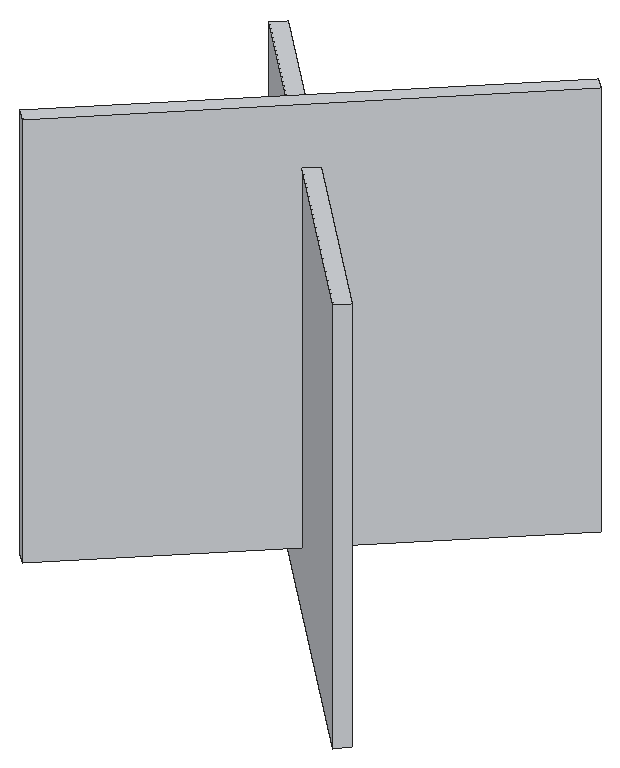
Revit family "RotatingModule", category Generic Models, Revit 2018
Family settings
  Can host rebar = No
  Round Connector Dimension = Use Diameter
  Part Type = Normal
  Work Plane-Based = No
  Always vertical = Yes
  Cut with Voids When Loaded = No
  Shared = No
  Room Calculation Point = No
Parameters
  Rec_Depth [instance] = 150 mm
  Overall Width [instance] = 1200 mm
  Overall Depth [instance] = 1200 mm
  Material [instance] = none
  Angle [instance] = 45.00°
Reference planes
  plane 1 "Center (Front/Back)": y = 0
  plane 2: z = 0
  plane 3 "Center (Left/Right)": x = 0
Dimensions and locks
  "Angle": angle plane 1 "Center (Front/Back)" to nested 1
  aligned and locked: level to plane 2
Nested families
  nested 1: "Module" at (0, 0, 0) x (0.7071, -0.7071, 0) z (0, 0, 1), Rec_Depth <- "Rec_Depth", type "Module"
    with Rec_Depth 150 mm
Definition of nested family "Module"
  Parameters (values of type "Module")
    Width = 1200 mm
    Rec_Depth [instance] = 150 mm
    Module_Depth = 1200 mm
    Material = none
  Reference planes
    plane 1 "Center (Front/Back)": y = 0
    plane 2: z = 0
    plane 3 "Center (Left/Right)": x = 0
    plane 4: x = -600
    plane 5: x = 600
    plane 6: y = 600
    plane 7: y = -600
    plane 8: z = 1050
    plane 9: z = 1200
    plane 10: z = 150
  Forms (mm)
    Extrusion 1, solid, material <- "Material"
      sketch origin (0, 0, 0) x (1, 0, 0) y (0, 1, 0)
        loop
          line (-600, 20) -> (-600, -20) -> (600, -20) -> (600, 20) -> (-600, 20)
      from 0 to 1050
    Extrusion 2, solid, material <- "Material"
      sketch origin (0, 0, 0) x (0, -1, 0) y (1, 0, 0)
        loop
          line (-600, 20) -> (-600, -20) -> (600, -20) -> (600, 20) -> (-600, 20)
      from 150 to 1200
  Cuts and joins
    joined: Extrusion 1, Extrusion 2
  Dimensions and locks
    equal spacing: plane 6, plane 1 "Center (Front/Back)", plane 7
    equal spacing: plane 4, plane 3 "Center (Left/Right)", plane 5
    "Width": plane 4 to plane 5
    "Width": plane 6 to plane 7
    "Rec_Depth": plane 9 to plane 8
    "Rec_Depth": plane 10 to level
    "Module_Depth": plane 9 to level
    aligned and locked: level to plane 2
    aligned and locked: plane 9 to Extrusion 2
    aligned and locked: Extrusion 2 to plane 10
    aligned and locked: Extrusion 1 to plane 8
  Automatic sketch dimensions
    Extrusion 1 sketch curve to plane 4 = 0 mm
    Extrusion 1 sketch curve to plane 5 = 0 mm
    plane 1 "Center (Front/Back)" to Extrusion 1 sketch curve = 20 mm
    Extrusion 1 sketch curve to plane 1 "Center (Front/Back)" = 20 mm
    Extrusion 2 sketch curve to plane 6 = 0 mm
    Extrusion 2 sketch curve to plane 7 = 0 mm
    Extrusion 2 sketch curve to plane 3 "Center (Left/Right)" = 20 mm
    plane 3 "Center (Left/Right)" to Extrusion 2 sketch curve = 20 mm
